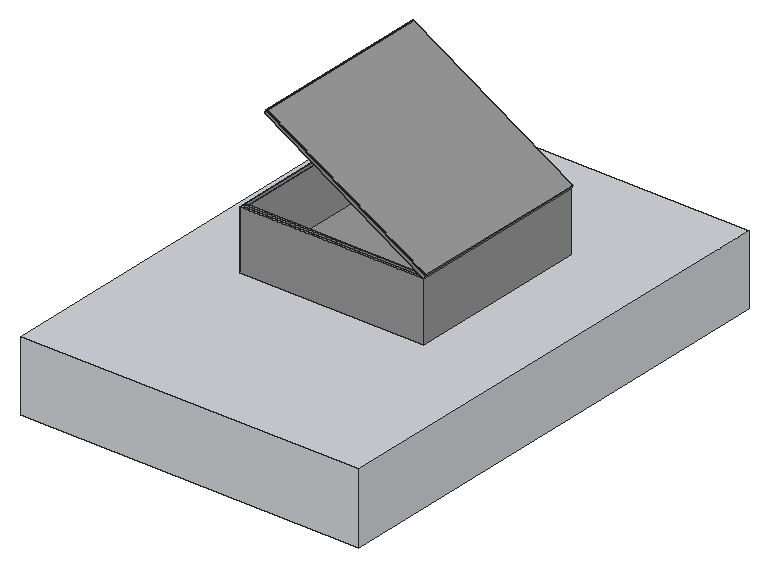
Revit family "Hager-Univers-IP55-D275-H800-Cl.II-Steel_encl-NL-en", category Equipement électrique, Revit 2020
Family settings
  Hôte = Face
  Configuration du panneau = Deux colonnes, circuits au sein
  Cote de connecteur circulaire = Utiliser le diamètre
  Type d'élément = Tableau de raccordement
  Couper avec des vides une fois chargée = Non
  Partagée = Non
  Point de calcul de pièce = Non
Parameters (values of type "Surface mounted (plaster) IP55 W800 H800 D275  - FR53S")
  Width Control [instance] = if([EF000008 - Width] > Min Width, [EF000008 - Width], Min Width)  # 800 mm
  Commentaires du type = [HG000003 - Range]  # "Univers"
  Thickness Door [instance] = if([EF009171 - Material plate thickness door/cover] > 3 mm, 3 mm, [EF009171 - Material plate thickness door/cover])  # 1.5 mm
  Seal Frame Offset [instance] = 17 mm  # constant formula
  Plinth Visibility [instance] = [HG000027 - Plinth height] > 0 mm  # no
  Model = ""
  Min Width [instance] = 100 mm  # constant formula
  Min Height [instance] = 100 mm  # constant formula
  Min Depth [instance] = (2 * [EF009170 - Material plate thickness cabinet]) + 1 mm  # 4 mm
  Internal Frame Depth [instance] = (Door System Depth * 0.5)  # 9 mm
  Height Control [instance] = if([EF000040 - Height] > Min Height, [EF000040 - Height], Min Height)  # 800 mm
  HG000027 - Plinth height = 0 mm
  HG000026 - Floor standing = no
  HG000024 - Bottom section height = 800 mm
  HG000023 - Double section enclosure = no
  HG000016 - Door 3d visibility [instance] = yes
  HG000015 - Clearance visibility [instance] = no
  HG000014 - Door on the right [instance] = yes
  HG000013 - Door on the left [instance] = not([HG000014 - Door on the right])  # no
  HG000012 - Door swing angle [instance] = 30.00°
  HG000010 - Asymmetric doors = no
  HG000009 - Double swing door = no
  HG000006 - Flush mounted = no
  HG000004 - Manufacturer reference = "FR53S"
  HG000003 - Range = "Univers"
  HG000002 - With door or cover = yes
  Frame Offset Bottom [instance] = 10 mm  # constant formula
  Frame Offset [instance] = 15 mm  # constant formula
  EF015940 - Cover with overpressure release = no
  EF011959 - Degree of protection (NEMA) = ""
  EF009554 - Number of openings for flange plates = 6
  EF009212 - Cover model = "EV000116 - Closed"
  EF009171 - Material plate thickness door/cover = 1.5 mm
  EF009170 - Material plate thickness cabinet = 1.5 mm
  Fabricant = "Hager"  # constant formula
  EF008873 - Nominal current (In) = 800 A
  EF007800 - Suitable for lightning protection = no
  EF006306 - With lock = no
  EF006244 - Transparent cover/door = no
  EF005474 - Degree of protection (IP) = "EV006420 - IP55"
  EF004464 - Type of door = "EV002646 - Single"
  EF004427 - Number of modules = 180
  EF004293 - Impact strength = "EV008784 - IK10"
  EF003532 - Suitable for outdoor use = no
  EF002950 - Width in number of modular spacings = 24
  EF001613 - Circuit integrity = "EV000494 - None"
  EF001596 - Material housing = "EV000179 - Steel"
  EF001131 - Internal depth = 275 mm
  EF001088 - Extension possible = yes
  EF000437 - Number of conduit inlets = 6
  EF000339 - Type of cover = "EV004216 - Door"
  EF000266 - Number of rows = 5
  EF000218 - Built-in depth = 0 mm
  EF000118 - With mounting plate = no
  EF000116 - RAL-number = "7035"
  EF000049 - Depth = 275 mm
  EF000040 - Height = 800 mm
  EF000008 - Width = 800 mm
  EF000007 - Colour = "EV000270 - Grey"
  EF000003 - Mounting method = "EV000384 - Surface mounted (plaster)"
  Door System Leaf Tolerance [instance] = 1.5 mm  # constant formula
  Door System Depth [instance] = 18 mm  # constant formula
  Door Height [instance] = Height Control - [HG000027 - Plinth height]  # 800 mm
  Depth Control [instance] = if([EF000049 - Depth] > Min Depth, [EF000049 - Depth], Min Depth)  # 275 mm
  Default Elevation = 0 mm
  Connector Offset [instance] = Height Control / 2  # 400 mm
  Bottom Top Plate Trim [instance] = 1.5 mm  # constant formula
  Plinth height Ctrl [instance] = if([HG000027 - Plinth height] > 0 mm, [HG000027 - Plinth height], 12 mm)  # 12 mm
Types (5, lengths in mm): name | Width Control | HG000010 - Asymmetric doors | HG000009 - Double swing door | HG000004 - Manufacturer reference | EF009554 - Number of openings for flange plates | EF004464 - Type of door | EF004427 - Number of modules | EF000437 - Number of conduit inlets | EF000008 - Width
  Surface mounted (plaster) IP55 W1050 H800 D275  - FR54S | 1050 | no | yes | "FR54S" | 8 | "EV003602 - Double" | 240 | 8 | 1050
  Surface mounted (plaster) IP55 W1300 H800 D275  - FR55S | 1300 | yes | yes | "FR55S" | 10 | "EV003602 - Double" | 300 | 10 | 1300
  Surface mounted (plaster) IP55 W300 H800 D275  - FR51S | 300 | no | no | "FR51S" | 2 | "EV002646 - Single" | 60 | 2 | 300
  Surface mounted (plaster) IP55 W550 H800 D275  - FR52S | 550 | no | no | "FR52S" | 4 | "EV002646 - Single" | 120 | 4 | 550
  Surface mounted (plaster) IP55 W800 H800 D275  - FR53S | 800 | no | no | "FR53S" | 6 | "EV002646 - Single" | 180 | 6 | 800
Reference planes
  plane 1 "Center (Front/Back)": y = 0
  plane 2: z = 0
  plane 3 "Center (Left/Right)": x = 0
  plane 4: z = 275
  plane 5: y = 1.5
  plane 6: y = 400
  plane 7: y = 0
  plane 8: y = 800
  plane 9: z = 0
  plane 10: x = -385
  plane 11: x = 385
  plane 12: x = 383.5
  plane 13: x = -383.5
  plane 14: y = 798.5
  plane 15: x = -383
  plane 16: x = -400
  plane 17: x = 383
  plane 18: x = 400
  plane 19: x = 398.5
  plane 20: x = -398.5
  plane 21: y = 11.5
  plane 22: y = 800
  plane 23: y = 783.5
  plane 24: z = 257
  plane 25: z = 1.5
  plane 26: z = 255.5
  plane 27: z = 273.5
Forms (mm)
  Extrusion 1, solid
    sketch origin (0, 0, 0) x (1, 0, 0) y (0, 1, 0)
      loop
        line (-702.964, 1305) -> (-702.964, -811.445) -> (766.763, -811.445) -> (766.763, 1305) -> (-702.964, 1305)
    from 0 to -304.8
  Extrusion 2, solid, material "Hager_Steel_RAL7035_Light_Grey", visible <- "Plinth Visibility", detail levels medium+fine
    sketch origin (0, 0, 0) x (1, 0, 0) y (0, 1, 0)
      loop
        line (-400, 0) -> (400, 0) -> (400, 12) -> (-400, 12) -> (-400, 0)
    from 0 to 257
  Extrusion 3, solid, material "Hager_Steel_RAL7035_Light_Grey", detail levels medium+fine
    sketch origin (0, 0, 0) x (1, 0, 0) y (0, 1, 0)
      loop
        line (-400, 0) -> (400, 0) -> (400, 800) -> (-400, 800) -> (-400, 0)
    from 0 to 257
  Extrusion 4, void
    sketch origin (0, 0, 0) x (1, 0, 0) y (0, 1, 0)
      loop
        line (-398.5, 1.5) -> (398.5, 1.5) -> (398.5, 798.5) -> (-398.5, 798.5) -> (-398.5, 1.5)
    from 1.5 to 255.5
  Extrusion 5, void
    sketch origin (-381.607, -4572, 257) x (0, -1, 0) y (-1, 0, 0)
      loop
        line (-4583.5, 1.893) -> (-5355.5, 1.893) -> (-5355.5, -765.107) -> (-4583.5, -765.107) -> (-4583.5, 1.893)
    from 0 to 1.5 <- "EF009170 - Material plate thickness cabinet"
  Extrusion 6, solid, material "Hager_Steel_RAL7035_Light_Grey", detail levels fine
    sketch origin (0, 0, 257) x (1, 0, 0) y (0, 1, 0)
      loop
        line (-383.5, 783.5) -> (-383.5, 11.5) -> (383.5, 11.5) -> (383.5, 783.5) -> (-383.5, 783.5)
      loop
        line (-385, 10) -> (385, 10) -> (385, 785) -> (-385, 785) -> (-385, 10)
    from 0 to 9 <- "Internal Frame Depth"
  Extrusion 7, solid, material "Hager_Steel_RAL7035_Light_Grey", detail levels coarse
    sketch origin (0, 0, 0) x (1, 0, 0) y (0, 1, 0)
      loop
        line (-400, 0) -> (400, 0) -> (400, 800) -> (-400, 800) -> (-400, 0)
    from 0 to 275
  Sweep 8, void
    path in 3D
      loop
        line (-400, 12, 0) -> (400, 12, 0) -> (400, 12, 257) -> (-400, 12, 257) -> (-400, 12, 0)
    profile origin (-400, 12, 128.5) x (-1, 0, 0) y (0, -1, 0)
      loop
        line (0, 0) -> (0, 1.5) -> (-1.5, 1.5)
        arc (-1.5, 1.5) -> (-1.061, 0.439) -> (0, 0) r 1.5
Cuts and joins
  Extrusion 4, Extrusion 5 cuts Extrusion 3
  Sweep 8 cuts Extrusion 2
Lines and regions (mm)
  Masking region 1
    outline origin (0, 0, 0) x (1, 0, 0) y (0, 0, 1)
      loop
        line (-400, 275) -> (-400, 0) -> (400, 0) -> (400, 275) -> (-400, 275)
  Masking region 2, detail levels medium+fine
    outline origin (0, 140, 0) x (0, 1, 0) y (0, 0, 1)
      loop
        line (-140, 0) -> (660, 0) -> (660, 257) -> (-140, 257) -> (-140, 0)
  Masking region 3, not visible, detail levels medium+fine
    outline origin (0, 297.922, 0) x (0, 1, 0) y (0, 0, 1)
      loop
        line (113.578, 0) -> (153.578, 0) -> (153.578, 263.5)
        arc (153.578, 263.5) -> (150.649, 270.571) -> (143.578, 273.5) r 10
        line (143.578, 273.5) -> (113.578, 273.5) -> (113.578, 0)
  Masking region 4, detail levels coarse
    outline origin (0, 0, 180) x (0, 1, 0) y (0, 0, 1)
      loop
        line (0, -180) -> (800, -180) -> (800, 95) -> (0, 95) -> (0, -180)
  Masking region 5, visible <- "Plinth Visibility", detail levels medium+fine
    outline origin (0, 52.24, 12.345) x (0, 0, -1) y (0, 1, 0)
      loop
        line (10.845, -40.24) -> (-243.155, -40.24)
        arc (-243.155, -40.24) -> (-243.594, -41.301) -> (-244.655, -41.74) r 1.5
        line (-244.655, -41.74) -> (-244.655, -52.24) -> (12.345, -52.24) -> (12.345, -41.74)
        arc (12.345, -41.74) -> (11.285, -41.301) -> (10.845, -40.24) r 1.5
  Masking region 6, detail levels medium+fine
    outline origin (-381.607, -4572, 257) x (-1, 0, 0) y (0, -1, 0)
      loop
        line (18.393, -5372) -> (18.393, -4572) -> (-781.607, -4572) -> (-781.607, -5372) -> (18.393, -5372)
  Masking region 7, visible <- "Plinth Visibility", detail levels medium+fine
    outline origin (-381.607, -4727, 257) x (-1, 0, 0) y (0, -1, 0)
      loop
        arc (16.893, -4739) -> (17.332, -4737.939) -> (18.393, -4737.5) r 1.5
        line (18.393, -4737.5) -> (18.393, -4727) -> (-781.607, -4727) -> (-781.607, -4737.5)
        arc (-781.607, -4737.5) -> (-780.546, -4737.939) -> (-780.107, -4739) r 1.5
        line (-780.107, -4739) -> (16.893, -4739)
  Masking region 8, detail levels coarse
    outline origin (-442.548, -4669.526, 257) x (-1, 0, 0) y (0, -1, 0)
      loop
        line (-42.548, -5469.526) -> (-42.548, -4669.526) -> (-842.548, -4669.526) -> (-842.548, -5469.526) -> (-42.548, -5469.526)
  sketch lines
    curve 1: line (-400, 12, 257) -> (-400, 12, 0)
    curve 2: line (400, 12, 257) -> (-400, 12, 257)
    curve 3: line (400, 12, 257) -> (400, 12, 0)
    curve 4: line (-400, 12, 0) -> (400, 12, 0)
Dimensions and locks
  "Depth Control": plane 4 to Extrusion 1
  "HG000027 - Plinth height": plane 1 "Center (Front/Back)" to plane 7
  "EF009170 - Material plate thickness cabinet": plane 5 to plane 7
  locked: connector elem to plane 3 "Center (Left/Right)"
  equal spacing: plane 8, plane 6, plane 7
  locked: connector elem to plane 6
  "EF009170 - Material plate thickness cabinet": plane 8 to plane 14
  "EF009170 - Material plate thickness cabinet": plane 10 to plane 13
  "EF009170 - Material plate thickness cabinet": plane 12 to plane 11
  "Frame Offset": plane 20 to plane 13
  "Frame Offset": plane 12 to plane 19
  "EF009170 - Material plate thickness cabinet": plane 16 to plane 20
  "EF009170 - Material plate thickness cabinet": plane 19 to plane 18
  "Seal Frame Offset": plane 16 to plane 15
  "Seal Frame Offset": plane 17 to plane 18
  "Frame Offset Bottom": plane 21 to plane 5
  "Frame Offset": plane 14 to plane 23
  equal spacing: plane 16, plane 3 "Center (Left/Right)", plane 18
  "Width Control": plane 16 to plane 18
  "EF009170 - Material plate thickness cabinet": plane 4 to plane 27
  "EF009170 - Material plate thickness cabinet": plane 24 to plane 26
  "EF009170 - Material plate thickness cabinet": plane 25 to level
  "Door System Depth": plane 4 to plane 24
  "Height Control": plane 1 "Center (Front/Back)" to Extrusion 7 sketch curve
  "Height Control": Masking region 4 sketch curve to plane 1 "Center (Front/Back)"
  "Height Control": plane 1 "Center (Front/Back)" to plane 22
  "Bottom Top Plate Trim": profile plane to Sweep 8 sketch curve
  "Bottom Top Plate Trim": Sweep 8 sketch curve to profile plane
  "Plinth height Ctrl": plane 1 "Center (Front/Back)" to Extrusion 2 sketch curve
  "Plinth height Ctrl": Masking region 5 sketch curve to plane 1 "Center (Front/Back)"
  "Plinth height Ctrl": plane 1 "Center (Front/Back)" to Masking region 7 sketch curve
  "Thickness Door": Extrusion 6 sketch curve to Extrusion 6 sketch curve  (x3)
  "Thickness Door": cut or joined group of Extrusion 3, Extrusion 4, Extrusion 5 to Extrusion 6 sketch curve
  radius of Masking region 3 sketch curve = 10 mm
  "Bottom Top Plate Trim": radius of Masking region 5 sketch curve  (x2)
  "Bottom Top Plate Trim": radius of Sweep 8 sketch curve
  "Bottom Top Plate Trim": radius of Masking region 7 sketch curve  (x2)
  aligned and locked: plane 2 to Extrusion 1
  aligned and locked: level to Extrusion 1
  aligned and locked: level to Masking region 1 sketch curve
  aligned and locked: Masking region 1 sketch curve to plane 18
  aligned and locked: Masking region 1 sketch curve to plane 16
  aligned and locked: plane 7 to Masking region 2 sketch curve
  aligned and locked: level to Masking region 3 sketch curve
  aligned and locked: Masking region 3 sketch curve to plane 27
  aligned and locked: level to Masking region 2 sketch curve
  aligned and locked: plane 1 "Center (Front/Back)" to Extrusion 2 sketch curve
  aligned and locked: Extrusion 3 sketch curve to plane 7
  aligned and locked: plane 16 to Extrusion 3 sketch curve
  aligned and locked: plane 18 to Extrusion 3 sketch curve
  aligned and locked: plane 20 to Extrusion 4 sketch curve
  aligned and locked: plane 19 to Extrusion 4 sketch curve
  aligned and locked: Extrusion 4 sketch curve to plane 5
  aligned and locked: Extrusion 4 to plane 25
  aligned and locked: plane 26 to Extrusion 4
  aligned and locked: plane 24 to Extrusion 3
  aligned and locked: Extrusion 5 sketch curve to plane 21
  aligned and locked: Extrusion 5 sketch curve to plane 13
  aligned and locked: Extrusion 5 sketch curve to plane 12
  aligned and locked: plane 18 to Extrusion 7 sketch curve
  aligned and locked: plane 1 "Center (Front/Back)" to Extrusion 7 sketch curve
  aligned and locked: plane 16 to Extrusion 7 sketch curve
  aligned and locked: plane 4 to Extrusion 7
  aligned and locked: Extrusion 7 to level
  aligned and locked: level to Masking region 4 sketch curve
  aligned and locked: Masking region 4 sketch curve to plane 1 "Center (Front/Back)"
  aligned and locked: Masking region 4 sketch curve to plane 4
  aligned and locked: nested 1 to level
  aligned and locked: nested 1 to plane 16
  aligned and locked: plane 8 to Extrusion 3 sketch curve
  aligned and locked: plane 23 to Extrusion 5 sketch curve
  aligned and locked: plane 14 to Extrusion 4 sketch curve
  aligned and locked: Masking region 2 sketch curve to plane 8
  aligned and locked: level to Masking region 5 sketch curve
  aligned and locked: plane 16 to Extrusion 2 sketch curve
  aligned and locked: plane 18 to Extrusion 2 sketch curve
  aligned and locked: Masking region 5 sketch curve to plane 24
  aligned and locked: Masking region 2 sketch curve to plane 24
  aligned and locked: plane 24 to Extrusion 2
  aligned and locked: profile plane to Sweep 8 sketch curve  (x2)
  aligned and locked: Masking region 6 sketch curve to plane 18
  aligned and locked: Masking region 6 sketch curve to plane 22
  aligned and locked: Masking region 6 sketch curve to plane 16
  aligned and locked: plane 8 to plane 22
  aligned and locked: Masking region 6 sketch curve to plane 7
  aligned and locked: Masking region 7 sketch curve to plane 16
  aligned and locked: Masking region 7 sketch curve to plane 1 "Center (Front/Back)"
  aligned and locked: Masking region 7 sketch curve to plane 18
  aligned and locked: Masking region 8 sketch curve to plane 1 "Center (Front/Back)"
  aligned and locked: Masking region 8 sketch curve to plane 18
  aligned and locked: Masking region 8 sketch curve to plane 22
  aligned and locked: Masking region 8 sketch curve to plane 16
  aligned and locked: nested 2 to plane 7
  aligned and locked: plane 3 "Center (Left/Right)" to nested 2
  aligned and locked: nested 2 to plane 24
  aligned and locked: Extrusion 6 sketch curve to cut or joined group of Extrusion 3, Extrusion 4, Extrusion 5  (x4)
Automatic sketch dimensions
  Extrusion 1 sketch curve to Extrusion 1 sketch curve = 1469.727 mm
  Extrusion 1 sketch curve to Extrusion 1 sketch curve = 2116.445 mm
  Masking region 1 sketch curve to plane 4 = 0 mm
  plane 6 to Masking region 3 sketch curve = 11.5 mm
  Masking region 3 sketch curve to Masking region 3 sketch curve = 30 mm
  Masking region 5 sketch curve to plane 1 "Center (Front/Back)" = 0 mm
Nested families
  nested 1: "Hager_Enclosure_Symbol" at (-400, 0, 0) x (1, 0, 0) z (0, -1, 0), Height <- "Depth Control", Width <- "Width Control", type "Hager_Enclosure_Symbol"
    with Width_Ctrl 800 mm, Width 800 mm, Height_Ctrl 275 mm, Height 275 mm, A_Width_Int 18.047 mm, A_Width 216.562 mm, A_Height_Ctrl 240.625 mm, A_Height 240.625 mm
  nested 2: "EC000058_Univers_Door" at (0, 0, 257) x (1, 0, 0) z (0, 1, 0), Leaf_Tolerance <- "Door System Leaf Tolerance", Angle <- "HG000012 - Door swing angle", Door_Depth <- "Door System Depth", Door_Left <- "HG000013 - Door on the left", Transparent <- "EF006244 - Transparent cover/door", Assymetrical <- "HG000010 - Asymmetric doors", Width <- "Width Control", Clearance <- "HG000015 - Clearance visibility", Double <- "HG000009 - Double swing door", 3d_Door <- "HG000016 - Door 3d visibility", Lock_Visibility <- "EF006306 - With lock", Width_Ctrl <- "Width Control", Door_Right <- "HG000014 - Door on the right", Door <- "HG000002 - With door or cover", Height <- "Door Height", Thickness <- "Thickness Door", type "EC000058_Univers_Door", detail levels medium+fine
    with min_wh 4 mm, Width_Ctrl 800 mm, Width 800 mm, Transparent no, Thickness 1.5 mm, Seal_Material Hager_Rubber, Lock_Visibility no, Lock_Material Hager_Plastic_RAL9005_Jet_Black, Leaf_Width 800 mm, Leaf_Tolerance_External_Sides 0 mm, Leaf_Tolerance 1.5 mm, Leaf_Offset 0 mm, Leaf_Height 797 mm, Leaf_2_Width 800 mm, Leaf_2_Offset 400 mm, Leaf_1_Width 800 mm, Leaf_1_Offset 400 mm, Height_Ctrl 800 mm, Height 800 mm, Glass_Material Hager_Glass, Double_Clearance_Ctrl no, Double no, Door_Right_Ctrl yes, Door_Right yes, Door_Material Hager_Steel_RAL7035_Light_Grey, Door_Left_Ctrl no, Door_Left no, Door_Depth 18 mm, Door yes, Clearance_Material Hager_Clearance, Clearance_Depth 800 mm, Clearance_Ctrl no, Clearance no, Assymetrical no, Angle 30.00°, 3d_Door yes
Connectors
  electrical at (0, 400, 0)
    settings: on plane 9, index 1, voltage 0 V, apparent load 0 VA, apparent load phase1 0 VA, apparent load phase2 0 VA, apparent load phase3 0 VA, power factor 1, load classification "Other", number of poles 1, system type 30, power factor state 1, is connector primary yes, connector utility no, sub classification motor no, connector description ""
Definition of nested family "EC000058_Univers_Door"
  Parameters (values of type "EC000058_Univers_Door")
    min_wh [instance] = (2 * Thickness) + 1 mm  # 11 mm
    Width_Ctrl [instance] = 400 mm
    Width [instance] = 500 mm
    Transparent [instance] = yes
    Thickness [instance] = 5 mm
    Seal_Material [instance] = none
    Lock_Visibility [instance] = yes
    Lock_Material [instance] = none
    Leaf_Width [instance] = if((Width_Ctrl - 2 * Leaf_Tolerance_External_Sides) > 0 mm, (Width_Ctrl - 2 * Leaf_Tolerance_External_Sides), min_wh)  # 400 mm
    Leaf_Tolerance_External_Sides [instance] = 0 mm  # constant formula
    Leaf_Tolerance [instance] = 1.5 mm
    Leaf_Offset [instance] = 0 mm  # constant formula
    Leaf_Height [instance] = if((Height_Ctrl - 2 * Leaf_Tolerance) > 0 mm, (Height_Ctrl - 2 * Leaf_Tolerance), min_wh)  # 497 mm
    Leaf_2_Width [instance] = if(and(and(Double, Assymetrical), Door_Left), (Leaf_Width / 3) - (Leaf_Tolerance / 2), if(and(and(Double, Assymetrical), Door_Right), (Leaf_Width / 3) * 2 - (Leaf_Tolerance / 2), if(and(Double, not(Assymetrical)), (Leaf_Width / 2) - Leaf_Tolerance, Leaf_Width)))  # 400 mm
    Leaf_2_Offset [instance] = if(and(Double, Assymetrical), Leaf_2_Width / 2, if(and(Double, not(Assymetrical)), Leaf_Width / 4, Leaf_Width / 2))  # 200 mm
    Leaf_1_Width [instance] = if(and(and(Double, Assymetrical), Door_Right), (Leaf_Width / 3) - (Leaf_Tolerance / 2), if(and(and(Double, Assymetrical), Door_Left), (Width / 3) * 2 - (Leaf_Tolerance / 2), if(and(Double, not(Assymetrical)), (Leaf_Width / 2) - Leaf_Tolerance, Leaf_Width)))  # 400 mm
    Leaf_1_Offset [instance] = if(and(Double, Assymetrical), Leaf_1_Width / 2, if(and(Double, not(Assymetrical)), Leaf_Width / 4, Leaf_Width / 2))  # 200 mm
    Height_Ctrl [instance] = if(Height > min_wh, Height, min_wh)  # 500 mm
    Height [instance] = 500 mm
    Glass_Material [instance] = none
    Double_Clearance_Ctrl [instance] = and(Double, Clearance)  # no
    Double [instance] = no
    Door_Right_Ctrl [instance] = and(or(Door_Right, Double), Door)  # yes
    Door_Right [instance] = yes
    Door_Material [instance] = none
    Door_Left_Ctrl [instance] = and(or(Door_Left, Double), Door)  # no
    Door_Left [instance] = no
    Door_Depth [instance] = 30 mm
    Door [instance] = yes
    Default Elevation = 1219.2 mm
    Clearance_Material [instance] = none
    Clearance_Depth [instance] = if(Leaf_1_Width > Leaf_2_Width, Leaf_1_Width, Leaf_2_Width)  # 400 mm
    Clearance_Ctrl [instance] = and(not(Double), Clearance)  # yes
    Clearance [instance] = yes
    Assymetrical [instance] = yes
    Angle [instance] = 30.00°
    3d_Door [instance] = yes
  Reference planes
    plane 1 "Center (Front/Back)": y = 0
    plane 2 "Bottom": z = 0
    plane 3 "Center (Left/Right)": x = 0
    plane 4: z = 500
    plane 5: x = -200
    plane 6: x = 200
    plane 7: z = 500
    plane 8: x = -200
    plane 9: z = 0
    plane 10: x = 200
    plane 11: y = 0
    plane 12: z = 1.5
    plane 13: x = -600
    plane 14: y = -400
    plane 15: x = 600
    plane 16: x = 0
    plane 17: x = 0
    plane 18: x = -200
    plane 19: x = 200
    plane 20: z = 498.5
  Forms (mm)
    Extrusion 1, solid, material <- "Clearance_Material", visible <- "Double_Clearance_Ctrl"
      sketch origin (1200, 0, 0) x (1, 0, 0) y (0, 0, -1)
        loop
          line (-1800, -498.5) -> (-600, -498.5) -> (-600, 0) -> (-1800, 0) -> (-1800, -498.5)
      from 0 to -400
  Dimensions and locks
    equal spacing: plane 5, plane 3 "Center (Left/Right)", plane 6
    "Width_Ctrl": plane 5 to plane 6
    "Leaf_Offset": plane 5 to plane 8
    "Leaf_Offset": plane 6 to plane 10
    "Leaf_Offset": plane 9 to level
    "Leaf_Offset": plane 4 to plane 7
    "Height_Ctrl": plane 4 to level
    "Leaf_Tolerance": plane 12 to plane 9
    locked: plane 11 to plane 1 "Center (Front/Back)"
    "Leaf_1_Offset": plane 18 to plane 16
    "Leaf_2_Offset": plane 17 to plane 19
    "Leaf_1_Width": plane 13 to plane 8
    "Leaf_2_Width": plane 10 to plane 15
    "Clearance_Depth": plane 14 to plane 1 "Center (Front/Back)"
    "Leaf_Tolerance_External_Sides": plane 8 to plane 18
    "Leaf_Tolerance_External_Sides": plane 19 to plane 10
    "Leaf_Tolerance": plane 7 to plane 20
    aligned and locked: level to plane 2 "Bottom"
    aligned and locked: nested 1 to plane 16
    aligned and locked: nested 2 to plane 17
    aligned and locked: Extrusion 1 to plane 13
    aligned and locked: plane 15 to Extrusion 1
    aligned and locked: Extrusion 1 to plane 14
    aligned and locked: plane 12 to nested 1
    aligned and locked: nested 2 to plane 12
    aligned and locked: Extrusion 1 to plane 11
    aligned and locked: plane 20 to Extrusion 1
    aligned and locked: nested 2 to plane 11
    aligned and locked: nested 1 to plane 11
  Automatic sketch dimensions
    Extrusion 1 sketch curve to level = 0 mm
    plane 5 to Extrusion 1 sketch curve = 400 mm
    plane 6 to Extrusion 1 sketch curve = 400 mm
    Extrusion 1 sketch curve to plane 4 = 1.5 mm
  Nested families
    nested 1: "EC000058_Univers_Door_Leaf" at (0, 0, 1.5), Width <- "Leaf_1_Width", visible <- "Door_Left_Ctrl", Leaf_Height <- "Leaf_Height", Angle <- "Angle", 3d_Door <- "3d_Door", Transparent <- "Transparent", Clearance Material <- "Clearance_Material", Clearance <- "Clearance_Ctrl", Door_Material <- "Door_Material", Glass_Material <- "Glass_Material", Door_Depth <- "Door_Depth", Lock_Material <- "Lock_Material", Seal_Material <- "Seal_Material", Lock_Visibility <- "Lock_Visibility", Thickness <- "Thickness", type "EC000058_Univers_Door_Leaf"
      with Width 400 mm, Transparent_Glass_Offset 30 mm, Transparent_Ctrl yes, Transparent yes, Thickness 5 mm, Standard no, Seal_Material none, Seal_D2 8 mm, Seal_D1 1 mm, Offset_Internal_Frame 10 mm, Lock_Width 20 mm, Lock_Visibility_3d yes, Lock_Visibility yes, Lock_Thickness_3 3 mm, Lock_Thickness_2 1 mm, Lock_Thickness_1 3 mm, Lock_Radius_Offset_2 16 mm, Lock_Radius_Offset_1 15 mm, Lock_Radius_2 5 mm, Lock_Radius 6 mm, Lock_Offset 5 mm, Lock_Material none, Lock_Height 80 mm, Lock_Cover_Top_Offset_2d 17 mm, Lock_Cover_Height -65 mm, Leaf_Height 497 mm, Internal_Seal_Thickness 8 mm, Internal_Seal_Depth_2 4.5 mm, Internal_Frame_Depth 25 mm, Glass_Thickness -1 mm, Glass_Offset -2 mm, Glass_Material none, Door_Material none, Door_Depth 30 mm, Clearance Material none, Clearance yes, Angle_Ctrl 30.00°, Angle 30.00°, 3d_Door yes
    nested 2: "EC000058_Univers_Door_Leaf" at (0, 0, 1.5) x (-1, 0, 0) z (0, 0, 1), Width <- "Leaf_2_Width", visible <- "Door_Right_Ctrl", Leaf_Height <- "Leaf_Height", Angle <- "Angle", 3d_Door <- "3d_Door", Transparent <- "Transparent", Clearance Material <- "Clearance_Material", Clearance <- "Clearance_Ctrl", Door_Material <- "Door_Material", Glass_Material <- "Glass_Material", Door_Depth <- "Door_Depth", Lock_Material <- "Lock_Material", Seal_Material <- "Seal_Material", Lock_Visibility <- "Lock_Visibility", Thickness <- "Thickness", type "EC000058_Univers_Door_Leaf"
      with Width 400 mm, Transparent_Glass_Offset 30 mm, Transparent_Ctrl yes, Transparent yes, Thickness 5 mm, Standard no, Seal_Material none, Seal_D2 8 mm, Seal_D1 1 mm, Offset_Internal_Frame 10 mm, Lock_Width 20 mm, Lock_Visibility_3d yes, Lock_Visibility yes, Lock_Thickness_3 3 mm, Lock_Thickness_2 1 mm, Lock_Thickness_1 3 mm, Lock_Radius_Offset_2 16 mm, Lock_Radius_Offset_1 15 mm, Lock_Radius_2 5 mm, Lock_Radius 6 mm, Lock_Offset 5 mm, Lock_Material none, Lock_Height 80 mm, Lock_Cover_Top_Offset_2d 17 mm, Lock_Cover_Height -65 mm, Leaf_Height 497 mm, Internal_Seal_Thickness 8 mm, Internal_Seal_Depth_2 4.5 mm, Internal_Frame_Depth 25 mm, Glass_Thickness -1 mm, Glass_Offset -2 mm, Glass_Material none, Door_Material none, Door_Depth 30 mm, Clearance Material none, Clearance yes, Angle_Ctrl 30.00°, Angle 30.00°, 3d_Door yes
  Definition of nested family "EC000058_Univers_Door_Leaf"
    Parameters (values of type "EC000058_Univers_Door_Leaf")
      Width [instance] = 2000 mm
      Transparent_Glass_Offset [instance] = 30 mm
      Transparent_Ctrl [instance] = and(Transparent, [3d_Door])  # yes
      Transparent [instance] = yes
      Thickness [instance] = 5 mm
      Standard [instance] = and(not(Transparent), [3d_Door])  # no
      Seal_Material [instance] = none
      Seal_D2 [instance] = 8 mm  # constant formula
      Seal_D1 [instance] = 1 mm  # constant formula
      Offset_Internal_Frame [instance] = 10 mm  # constant formula
      Lock_Width [instance] = 20 mm  # constant formula
      Lock_Visibility_3d [instance] = and(Lock_Visibility, [3d_Door])  # yes
      Lock_Visibility [instance] = yes
      Lock_Thickness_3 [instance] = 3 mm  # constant formula
      Lock_Thickness_2 [instance] = 1 mm  # constant formula
      Lock_Thickness_1 [instance] = 3 mm  # constant formula
      Lock_Radius_Offset_2 [instance] = Lock_Radius_Offset_1 + 1 mm  # 16 mm
      Lock_Radius_Offset_1 [instance] = 15 mm  # constant formula
      Lock_Radius_2 [instance] = Lock_Radius - 1 mm  # 5 mm
      Lock_Radius [instance] = 6 mm  # constant formula
      Lock_Offset [instance] = 5 mm  # constant formula
      Lock_Material [instance] = none
      Lock_Height [instance] = 80 mm  # constant formula
      Lock_Cover_Top_Offset_2d [instance] = Lock_Radius_Offset_2 + 1 mm  # 17 mm
      Lock_Cover_Height [instance] = -(Lock_Height - Lock_Radius_Offset_1)  # -65 mm
      Leaf_Height [instance] = 2720.336 mm
      Internal_Seal_Thickness [instance] = 8 mm  # constant formula
      Internal_Seal_Depth_2 [instance] = 4.5 mm  # constant formula
      Internal_Frame_Depth [instance] = if(Door_Depth - Thickness > 5 mm, Door_Depth - Thickness, 5 mm)  # 25 mm
      Glass_Thickness [instance] = if(Thickness > 15 mm, Glass_Offset + 10 mm, -1 mm)  # -1 mm
      Glass_Offset [instance] = if(Thickness > 15 mm, -(Thickness + 10 mm) / 2, -2 mm)  # -2 mm
      Glass_Material [instance] = none
      Door_Material [instance] = none
      Door_Depth [instance] = 30 mm
      Default Elevation = 0 mm
      Clearance Material [instance] = none
      Clearance [instance] = yes
      Angle_Ctrl [instance] = if(Angle > 180.00°, 180.00°, Angle)  # 90.00°
      Angle [instance] = 90.00°
      3d_Door [instance] = yes
    Reference planes
      plane 1 "Center (Front/Back)": y = 0
      plane 2: z = 0
      plane 3 "Center (Left/Right)": x = 0
      plane 4: y = 2000
      plane 5: x = -1000
      plane 6: x = 1000
      plane 7: x = -3000
      plane 8: z = 2720.336
      plane 9: z = 30
      plane 10: z = 2690.336
      plane 11: x = 970
      plane 12: x = -970
      plane 13: y = -3
      plane 14: z = 107.833
      plane 15: y = -5
      plane 16: y = -223.314
      plane 17: x = -1000
      plane 18: z = 1360.168
      plane 19: y = 30
    Forms (mm)
      Extrusion 1, solid, material <- "Clearance Material", visible <- "Clearance"
        sketch origin (0, 0, 0) x (1, 0, 0) y (0, 0, 1)
          loop
            line (-3000, 2720.336) -> (-3000, 0) -> (1000, 0) -> (1000, 2720.336) -> (-3000, 2720.336)
        from 0 to -2000
      Extrusion 2, solid, material <- "Door_Material", visible <- "Standard", detail levels medium+fine
        sketch origin (-1000, 0, 0) x (0, 1, 0) y (-1, 0, 0)
          loop
            line (0, 30) -> (0, 25) -> (2000, 25) -> (2000, 30) -> (0, 30)
        from 0 to 2720.336 <- "Leaf_Height"
      Extrusion 3, solid, material <- "Door_Material", visible <- "Transparent_Ctrl", detail levels medium+fine
        sketch origin (-1000, 0, 0) x (0, 1, 0) y (-1, 0, 0)
          loop
            line (0, 25) -> (2000, 25) -> (2000, 30) -> (0, 30) -> (0, 25)
        from 0 to 2720.336 <- "Leaf_Height"
      Extrusion 4, void
        sketch origin (-1025, 2000, 0) x (0, 1, 0) y (0, 0, -1)
          loop
            line (-30, -2690.336) -> (-30, -30) -> (-1970, -30) -> (-1970, -2690.336) -> (-30, -2690.336)
        from 0 to 5 <- "Thickness"
      Sweep 5, solid, material <- "Seal_Material", visible <- "Transparent_Ctrl", detail levels fine
        path in 3D
          loop
            line (-1025, 30, 30) -> (-1025, 30, 2690.336) -> (-1025, 1970, 2690.336) -> (-1025, 1970, 30) -> (-1025, 30, 30)
        profile origin (-1025, 1000, 30) x (1, 0, 0) y (0, 0, 1)
          loop
            line (0, 0) -> (0, -8) -> (1, -8) -> (1, 0) -> (0, 0)
      Extrusion 6, solid, material <- "Glass_Material", visible <- "Transparent_Ctrl", detail levels medium+fine
        sketch origin (-1030, 0, 0) x (0, 1, 0) y (0, 0, -1)
          loop
            line (1970, -2690.336) -> (1970, -30) -> (30, -30) -> (30, -2690.336) -> (1970, -2690.336)
        from -2 <- "Glass_Offset" to -1 <- "Glass_Thickness"
      Extrusion 7, solid, material <- "Door_Material", visible <- "3d_Door", detail levels medium+fine
        sketch origin (-1025, 2000, 0) x (0, -1, 0) y (0, 0, -1)
          loop
            line (0, -2720.336) -> (2000, -2720.336) -> (2000, 0) -> (0, 0) -> (0, -2720.336)
          loop
            line (1995, -5) -> (5, -5) -> (5, -2715.336) -> (1995, -2715.336) -> (1995, -5)
        from 0 to 25 <- "Internal_Frame_Depth"
      Sweep 8, solid, material <- "Seal_Material", visible <- "Transparent_Ctrl", detail levels fine
        path in 3D
          loop
            line (-1025, 0, 0) -> (-1025, 2000, 0) -> (-1025, 2000, 2720.336) -> (-1025, 0, 2720.336) -> (-1025, 0, 0)
        profile origin (-1025, 0, 1360.168) x (1, 0, 0) y (0, 1, 0)
          loop
            line (0, 10) -> (2.975, 10)
            arc (2.975, 10) -> (4.053, 10.447) -> (4.5, 11.525) r 1.525
            line (4.5, 11.525) -> (4.5, 16.527)
            arc (4.5, 16.527) -> (4.069, 17.569) -> (3.027, 18) r 1.473
            line (3.027, 18) -> (0, 18) -> (0, 10)
      Extrusion 9, solid, material <- "Lock_Material", visible <- "Lock_Visibility_3d", detail levels fine
        sketch origin (-1030, 0, 0) x (0, 1, 0) y (0, 0, -1)
          loop
            arc (1993.5, -1400.168) -> (1994.561, -1399.729) -> (1995, -1398.668) r 1.5
            line (1995, -1398.668) -> (1995, -1320.168) -> (1975, -1320.168) -> (1975, -1398.668)
            arc (1975, -1398.668) -> (1975.439, -1399.729) -> (1976.5, -1400.168) r 1.5
            line (1976.5, -1400.168) -> (1993.5, -1400.168)
        from 3 <- "Lock_Thickness_1" to 0
      Blend 10, solid, material <- "Lock_Material", visible <- "Lock_Visibility_3d", detail levels fine
        base sketch origin (-1033, 0, 0) x (0, 1, 0) y (0, 0, -1)
          loop
            line (1975, -1320.168) -> (1975, -1398.668)
            arc (1975, -1398.668) -> (1975.439, -1399.729) -> (1976.5, -1400.168) r 1.5
            line (1976.5, -1400.168) -> (1993.5, -1400.168)
            arc (1993.5, -1400.168) -> (1994.561, -1399.729) -> (1995, -1398.668) r 1.5
            line (1995, -1398.668) -> (1995, -1320.168) -> (1975, -1320.168)
        top sketch origin (-1033, 0, 0) x (0, 1, 0) y (0, 0, -1)
          loop
            line (1976, -1320.168) -> (1976, -1398.668)
            arc (1976, -1398.668) -> (1976.146, -1399.022) -> (1976.5, -1399.168) r 0.5
            line (1976.5, -1399.168) -> (1993.5, -1399.168)
            arc (1993.5, -1399.168) -> (1993.854, -1399.022) -> (1994, -1398.668) r 0.5
            line (1994, -1398.668) -> (1994, -1320.168) -> (1976, -1320.168)
        from 0 to 1 <- "Lock_Thickness_2"
      Blend 11, solid, material <- "Lock_Material", visible <- "Lock_Visibility_3d", detail levels fine
        base sketch origin (-1034, 0, 0) x (0, 1, 0) y (0, 0, -1)
          loop
            line (1978, -1320.168) -> (1978, -1384.168)
            arc (1978, -1384.168) -> (1985, -1391.168) -> (1992, -1384.168) r 7
            line (1992, -1384.168) -> (1992, -1320.168) -> (1978, -1320.168)
        top sketch origin (-1034, 0, 0) x (0, 1, 0) y (0, 0, -1)
          loop
            line (1991, -1320.168) -> (1979, -1320.168) -> (1979, -1383.168)
            arc (1979, -1383.168) -> (1985, -1389.168) -> (1991, -1383.168) r 6
            line (1991, -1383.168) -> (1991, -1320.168)
        from 0 to 3 <- "Lock_Thickness_3"
      Extrusion 12, solid, material <- "Lock_Material", visible <- "Lock_Visibility_3d", detail levels fine
        sketch origin (-1030, 1975, 1320.168) x (1, 0, 0) y (0, -1, 0)
          loop
            line (-7, -19) -> (-7, -1) -> (0, -1) -> (0, 0) -> (-8, 0) -> (-8, -20) -> (0, -20) -> (0, -19) -> (-7, -19)
        from 0 to -65 <- "Lock_Cover_Height"
      Extrusion 13, void
        sketch origin (-1038, 1995, 1320.168) x (-1, 0, 0) y (0, 0, -1)
          loop
            line (-5, -65) -> (0, -65) -> (-5, -60) -> (-5, -65)
        from 0 to 20 <- "Lock_Width"
      Extrusion 14, void
        sketch origin (-1038, 1975, 1320.168) x (0, -1, 0) y (0, 0, -1)
          loop
            circle (-10, -15.995) r 6
          loop
            circle (-10, -15.995) r 5
        from 0 to 2
      Extrusion 15, solid, material <- "Lock_Material", visible <- "Lock_Visibility_3d", detail levels medium
        sketch origin (-1030, 0, 0) x (0, 1, 0) y (0, 0, -1)
          loop
            arc (1993.5, -1400.168) -> (1994.561, -1399.729) -> (1995, -1398.668) r 1.5
            line (1995, -1398.668) -> (1995, -1320.168) -> (1975, -1320.168) -> (1975, -1398.668)
            arc (1975, -1398.668) -> (1975.439, -1399.729) -> (1976.5, -1400.168) r 1.5
            line (1976.5, -1400.168) -> (1993.5, -1400.168)
        from 8 to 0
    Cuts and joins
      Extrusion 4 cuts Extrusion 3
      Extrusion 13, Extrusion 14 cuts Extrusion 9
      Extrusion 14 cuts Blend 11
      Extrusion 13, Extrusion 14 cuts Extrusion 12
      joined: Extrusion 9, Blend 10, Blend 11, Extrusion 12
      Extrusion 14 cuts Extrusion 15
    Lines and regions (mm)
      Masking region 1, visible <- "Lock_Visibility", detail levels fine
        outline origin (0, 0, 0) x (0, 1, 0) y (0, 0, 1)
          loop
            line (30, 1320.168) -> (33, 1320.168) -> (33, 1400.168) -> (30, 1400.168) -> (30, 1320.168)
      Masking region 2, visible <- "Lock_Visibility", detail levels fine
        outline origin (0, 3.143, 0) x (0, 1, 0) y (0, 0, 1)
          loop
            line (29.857, 1354.168) -> (30.857, 1354.168) -> (30.857, 1366.168) -> (29.857, 1366.168) -> (29.857, 1354.168)
      Masking region 3, detail levels medium+fine
        outline origin (0, 0, 0) x (0, 1, 0) y (0, 0, 1)
          loop
            line (0, 0) -> (30, 0) -> (30, 2720.336) -> (0, 2720.336) -> (0, 0)
      Masking region 4, detail levels medium+fine
        outline origin (0, 0, 0) x (1, 0, 0) y (0, 0, 1)
          loop
            line (-1000, 2720.336) -> (-1000, 0) -> (1000, 0) -> (1000, 2720.336) -> (-1000, 2720.336)
      Masking region 5, visible <- "Lock_Visibility", detail levels fine
        outline origin (-47.116, 0, 0) x (1, 0, 0) y (0, 0, 1)
          loop
            arc (1024.616, 1399.168) -> (1023.556, 1398.729) -> (1023.116, 1397.668) r 1.5
            line (1023.116, 1397.668) -> (1023.116, 1320.168) -> (1041.116, 1320.168) -> (1041.116, 1397.668)
            arc (1041.116, 1397.668) -> (1040.677, 1398.729) -> (1039.616, 1399.168) r 1.5
            line (1039.616, 1399.168) -> (1024.616, 1399.168)
      Masking region 6, visible <- "Lock_Visibility", detail levels medium+fine
        outline origin (-25, 0, 0) x (1, 0, 0) y (0, 0, 1)
          loop
            arc (1001.5, 1400.168) -> (1000.439, 1399.729) -> (1000, 1398.668) r 1.5
            line (1000, 1398.668) -> (1000, 1320.168) -> (1020, 1320.168) -> (1020, 1398.668)
            arc (1020, 1398.668) -> (1019.561, 1399.729) -> (1018.5, 1400.168) r 1.5
            line (1018.5, 1400.168) -> (1001.5, 1400.168)
      Masking region 7, visible <- "Lock_Visibility", detail levels fine
        outline origin (-73.735, 0, 0) x (1, 0, 0) y (0, 0, 1)
          loop
            line (1051.735, 1382.168) -> (1065.735, 1382.168) -> (1065.735, 1384.168)
            arc (1065.735, 1384.168) -> (1058.735, 1391.168) -> (1051.735, 1384.168) r 7
            line (1051.735, 1384.168) -> (1051.735, 1382.168)
      Masking region 8, visible <- "Lock_Visibility", detail levels fine
        outline origin (-73.735, 0, 0) x (1, 0, 0) y (0, 0, 1)
          loop
            line (1052.735, 1382.168) -> (1064.735, 1382.168) -> (1064.735, 1383.168)
            arc (1064.735, 1383.168) -> (1058.735, 1389.168) -> (1052.735, 1383.168) r 6
            line (1052.735, 1383.168) -> (1052.735, 1382.168)
      Masking region 9, visible <- "Lock_Visibility", detail levels fine
        outline origin (-25, 0, 0) x (1, 0, 0) y (0, 0, 1)
          loop
            line (1020, 1320.168) -> (1020, 1382.168) -> (1000, 1382.168) -> (1000, 1320.168) -> (1020, 1320.168)
      Masking region 10, detail levels medium+fine
        outline origin (0, 0, 0) x (1, 0, 0) y (0, 0, 1)
          loop
            circle (985, 1335.144) r 6
      Masking region 11, detail levels fine
        outline origin (0, 0, 0) x (1, 0, 0) y (0, 0, 1)
          loop
            circle (985, 1335.144) r 5
      Masking region 12, visible <- "Lock_Visibility", detail levels fine
        outline origin (0, 12.767, 0) x (0, 1, 0) y (0, 0, 1)
          loop
            line (20.233, 1320.168) -> (21.233, 1320.168) -> (21.233, 1399.168) -> (20.233, 1400.168) -> (20.233, 1320.168)
      Masking region 13, visible <- "Lock_Visibility", detail levels fine
        outline origin (0, 13.767, -10) x (0, 1, 0) y (0, 0, 1)
          loop
            line (20.233, 1330.168) -> (23.233, 1330.168) -> (23.233, 1399.168) -> (20.233, 1402.168) -> (20.233, 1330.168)
      Masking region 14, visible <- "Lock_Visibility", detail levels fine
        outline origin (0, 12.767, -10) x (0, 1, 0) y (0, 0, 1)
          loop
            line (20.233, 1330.168) -> (25.233, 1330.168) -> (25.233, 1399.305) -> (20.233, 1394.305) -> (20.233, 1330.168)
      Masking region 15, visible <- "Lock_Visibility", detail levels medium
        outline origin (0, 0, 0) x (0, 1, 0) y (0, 0, 1)
          loop
            line (30, 1320.168) -> (38, 1320.168) -> (38, 1400.168) -> (30, 1400.168) -> (30, 1320.168)
      Masking region 16, visible <- "Lock_Visibility", detail levels fine
        outline origin (-1000, 0, 0) x (0, 1, 0) y (-1, 0, 0)
          loop
            line (1975, 30) -> (1995, 30) -> (1995, 38) -> (1975, 38) -> (1975, 30)
          loop
            line (1979, 37) -> (1976, 37) -> (1976, 34) -> (1978, 34) -> (1979, 37)
          loop
            line (1994, 37) -> (1991, 37) -> (1992, 34) -> (1994, 34) -> (1994, 37)
      Masking region 17, visible <- "Lock_Visibility", detail levels medium
        outline origin (-1000, 0, 0) x (0, 1, 0) y (-1, 0, 0)
          loop
            line (1975, 30) -> (1995, 30) -> (1995, 38) -> (1975, 38) -> (1975, 30)
      symbolic lines
        curve 1: line (1000, 0, 0) -> (-3000, 0, 0)
        curve 2: arc (1000, 0, 0) -> (-1000, 2000, 0) -> (-3000, 0, 0) r 2000
        curve 4: line (-1030, 0, 0) -> (-1030, 2000, 0)
      reference lines
        curve 3: line (-1000, 0, 0) -> (-1000, 2000, 0)
      symbolic lines, detail levels medium+fine
        curve 5: line (-1030, 2000, 0) -> (-1025, 2000, 0)
        curve 7: line (-1025, 0, 0) -> (-1030, 0, 0)
        curve 8: line (-1025, 0, 0) -> (-1000, 0, 0)
        curve 9: line (-1000, 0, 0) -> (-1000, 2000, 0)
        curve 10: line (-1000, 2000, 0) -> (-1025, 2000, 0)
      symbolic lines, detail levels fine
        curve 6: line (-1025, 2000, 0) -> (-1025, 0, 0)
      sketch lines
        curve 11: line (-1025, 0, 2720.336) -> (-1025, 0, 0)
        curve 12: line (-1025, 2000, 0) -> (-1025, 0, 0)
        curve 13: line (-1025, 2000, 2720.336) -> (-1025, 2000, 0)
        curve 14: line (-1025, 0, 2720.336) -> (-1025, 2000, 2720.336)
        curve 15: line (-1025, 1970, 30) -> (-1025, 30, 30)
        curve 16: line (-1025, 30, 30) -> (-1025, 30, 2690.336)
        curve 17: line (-1025, 1970, 2690.336) -> (-1025, 1970, 30)
        curve 18: line (-1025, 30, 2690.336) -> (-1025, 1970, 2690.336)
      symbolic lines, visible <- "Transparent", detail levels medium+fine
        curve 19: line (-970, 0, 2690.336) -> (970, 0, 2690.336)
        curve 20: line (-970, 0, 30) -> (-970, 0, 2690.336)
        curve 21: line (970, 0, 30) -> (-970, 0, 30)
        curve 22: line (970, 0, 2690.336) -> (970, 0, 30)
    Dimensions and locks
      "Width": plane 1 "Center (Front/Back)" to plane 4
      equal spacing: plane 5, plane 3 "Center (Left/Right)", plane 6
      "Width": plane 5 to plane 6
      "Width": plane 7 to plane 5
      "Leaf_Height": plane 8 to level
      "Width": curve 5 to curve 3
      "Width": curve 3 to curve 3
      plane 8 to plane 10 = 30 mm
      plane 9 to level = 30 mm
      plane 12 to plane 5 = 30 mm
      plane 6 to plane 11 = 30 mm
      Extrusion 1 to Extrusion 4 sketch curve = 30 mm
      "Transparent_Glass_Offset": curve 3 to Extrusion 4 sketch curve
      "Transparent_Glass_Offset": Extrusion 4 sketch curve to cut or joined group of Extrusion 3, Extrusion 4  (x2)
      cut or joined group of Extrusion 3, Extrusion 4 to Extrusion 6 sketch curve = 30 mm
      "Transparent_Glass_Offset": cut or joined group of Extrusion 3, Extrusion 4 to Extrusion 4 sketch curve
      "Thickness": curve 6 to curve 4
      "Thickness": Extrusion 7 sketch curve to Extrusion 7 sketch curve  (x4)
      "Door_Depth": curve 4 to curve 3
      "Offset_Internal_Frame": profile plane to Sweep 8 sketch curve
      "Internal_Seal_Thickness": Sweep 8 sketch curve to Sweep 8 sketch curve
      "Internal_Seal_Depth_2": profile plane to Sweep 8 sketch curve
      "Seal_D1": profile plane to Sweep 5 sketch curve
      "Seal_D2": profile plane to Sweep 5 sketch curve
      "Thickness": Extrusion 2 sketch curve to Extrusion 2 sketch curve
      equal spacing: Extrusion 9 sketch curve, plane 18, Extrusion 9 sketch curve  (x2)
      equal spacing: Masking region 1 sketch curve, plane 18, Masking region 1 sketch curve
      "Lock_Height": Masking region 1 sketch curve to Masking region 1 sketch curve
      "Lock_Radius": Masking region 2 sketch curve to plane 18 to Masking region 2 sketch curve
      Masking region 2 sketch curve to Masking region 1 = 1 mm
      "Door_Depth": plane 19 to plane 1 "Center (Front/Back)"
      "Lock_Thickness_1": Masking region 1 sketch curve to plane 19
      "Lock_Width": Extrusion 9 sketch curve to Extrusion 9 sketch curve
      "Lock_Height": Extrusion 9 sketch curve to Extrusion 9 sketch curve
      "Lock_Offset": cut or joined group of Extrusion 3, Extrusion 4 to Extrusion 9 sketch curve
      equal spacing: plane 8, plane 18, level
      "Lock_Radius_Offset_1": Blend 11 sketch curve to Blend 10
      locked: Blend 10 to Blend 11 sketch curve at 2  (x2)
      locked: var sketch to Blend 11 sketch curve at 1  (x2)
      "Lock_Radius_Offset_2": Blend 11 sketch curve to Blend 10
      locked: Extrusion 12 sketch curve to Extrusion 12 sketch curve at 1  (x3)
      Masking region 6 sketch curve to Masking region 6 sketch curve = 80 mm
      "Lock_Height": Masking region 6 sketch curve to Masking region 6 sketch curve
      "Lock_Width": Masking region 6 sketch curve to Masking region 6 sketch curve
      locked: Masking region 6 to Masking region 5 sketch curve at 1  (x3)
      locked: Masking region 5 to Masking region 7 sketch curve at 2  (x2)
      "Lock_Radius_Offset_1": Masking region 5 to Masking region 7 sketch curve
      "Lock_Radius_Offset_2": Masking region 5 to Masking region 8 sketch curve
      locked: Masking region 7 to Masking region 8 sketch curve at 1  (x2)
      "Lock_Cover_Top_Offset_2d": Masking region 5 to Masking region 9 sketch curve
      equal spacing: Masking region 9, Masking region 10 sketch curve, Masking region 9
      equal spacing: Masking region 9, Masking region 11 sketch curve, Masking region 9
      Extrusion 15 sketch curve to Extrusion 15 sketch curve = 80 mm
      "Lock_Width": Extrusion 15 sketch curve to Extrusion 15 sketch curve
      "Lock_Height": Extrusion 15 sketch curve to Extrusion 15 sketch curve
      equal spacing: Extrusion 15 sketch curve, plane 18, Extrusion 15 sketch curve
      "Lock_Thickness_3": Masking region 13 sketch curve to Masking region 13 sketch curve
      "Lock_Height": Masking region 12 sketch curve to Masking region 12 sketch curve
      locked: Masking region 13 sketch curve to Masking region 1 at 8
      locked: Masking region 14 sketch curve to Masking region 13 at 1
      locked: Masking region 14 sketch curve to Masking region 1 at 10.863
      "Lock_Height": Masking region 15 sketch curve to Masking region 15 sketch curve
      "Lock_Offset": Extrusion 15 sketch curve to cut or joined group of Extrusion 3, Extrusion 4
      "Lock_Offset": plane 6 to Masking region 6 sketch curve
      radius of Sweep 8 sketch curve = 1.525 mm
      radius of Sweep 8 sketch curve = 1.473 mm
      radius of Extrusion 9 sketch curve = 1.5 mm  (x2)
      "Lock_Radius": radius of Extrusion 14 sketch curve
      "Lock_Radius_2": radius of Extrusion 14 sketch curve
      "Lock_Radius": radius of Masking region 10 sketch curve
      "Lock_Radius_2": radius of Masking region 11 sketch curve
      radius of Extrusion 15 sketch curve = 1.5 mm  (x2)
      "Angle_Ctrl": angle plane 1 "Center (Front/Back)" to curve 3
      locked: Masking region 12 sketch curve to Masking region 12 sketch curve (angle 45.00°)
      locked: Masking region 13 sketch curve to Masking region 13 sketch curve (angle 45.00°)
      locked: Masking region 14 sketch curve to Masking region 14 sketch curve (angle 45.00°)
      aligned and locked: level to plane 2
      aligned and locked: Extrusion 1 to curve 1
      aligned and locked: plane 6 to Extrusion 1
      aligned and locked: Extrusion 1 to plane 1 "Center (Front/Back)"
      aligned and locked: plane 4 to Extrusion 1
      aligned and locked: plane 8 to Extrusion 1
      aligned and locked: curve 7 to Extrusion 2 sketch curve
      aligned and locked: curve 5 to Extrusion 2 sketch curve
      aligned and locked: curve 7 to Extrusion 3 sketch curve
      aligned and locked: Extrusion 3 sketch curve to curve 4
      aligned and locked: Extrusion 3 sketch curve to curve 6
      aligned and locked: Extrusion 3 sketch curve to curve 5
      aligned and locked: curve 9 to curve 3
      aligned and locked: Extrusion 7 sketch curve to cut or joined group of Extrusion 3, Extrusion 4  (x4)
      aligned and locked: plane 17 to curve 3
      aligned and locked: plane 1 "Center (Front/Back)" to curve 3
      aligned and locked: plane 17 to plane 5
      aligned and locked: Sweep 8 sketch curve to profile plane
      aligned and locked: Sweep 5 sketch curve to profile plane  (x2)
      aligned and locked: Masking region 1 to Masking region 2 sketch curve
      aligned and locked: plane 19 to Masking region 1 sketch curve
      aligned and locked: plane 1 "Center (Front/Back)" to Masking region 3 sketch curve
      aligned and locked: plane 19 to Masking region 3 sketch curve
      aligned and locked: level to Masking region 3 sketch curve
      aligned and locked: Masking region 3 sketch curve to plane 8
      aligned and locked: plane 17 to Masking region 4 sketch curve
      aligned and locked: level to Masking region 4 sketch curve
      aligned and locked: Masking region 4 sketch curve to plane 8
      aligned and locked: plane 12 to curve 20
      aligned and locked: plane 10 to curve 19
      aligned and locked: plane 11 to curve 22
      aligned and locked: curve 21 to plane 9
      aligned and locked: Extrusion 2 sketch curve to cut or joined group of Extrusion 3, Extrusion 4
      aligned and locked: Blend 10 sketch curve to Extrusion 9  (x4)
      aligned and locked: Extrusion 9 to Blend 10 sketch curve
      aligned and locked: Blend 10 to Blend 11 sketch curve
      aligned and locked: Extrusion 12 sketch curve to Blend 11
      aligned and locked: Extrusion 12 sketch curve to Extrusion 9  (x4)
      aligned and locked: Masking region 5 sketch curve to Masking region 6
      aligned and locked: Masking region 9 sketch curve to Masking region 6  (x3)
      aligned and locked: Masking region 12 sketch curve to Masking region 1
      aligned and locked: Masking region 13 sketch curve to Masking region 1
      aligned and locked: Masking region 12 to Masking region 14
      aligned and locked: Masking region 14 sketch curve to Masking region 1
      aligned and locked: Masking region 15 sketch curve to Masking region 14
      aligned and locked: Masking region 13 sketch curve to Masking region 12
      aligned and locked: Masking region 16 sketch curve to cut or joined group of Extrusion 14, Extrusion 15  (x4)
      aligned and locked: Masking region 16 sketch curve to cut or joined group of Extrusion 9, Blend 10, Blend 11, Extrusion 12, Extrusion 13, Extrusion 14  (x6)
      aligned and locked: cut or joined group of Extrusion 9, Blend 10, Blend 11, Extrusion 12, Extrusion 13, Extrusion 14 to Masking region 16 sketch curve
      aligned and locked: Masking region 17 sketch curve to cut or joined group of Extrusion 14, Extrusion 15  (x3)
      aligned and locked: Masking region 17 sketch curve to cut or joined group of Extrusion 9, Blend 10, Blend 11, Extrusion 12, Extrusion 13, Extrusion 14
      aligned and locked: Masking region 9 to Masking region 8 sketch curve
      aligned and locked: Masking region 9 to Masking region 7 sketch curve
    Automatic sketch dimensions
      plane 1 "Center (Front/Back)" to curve 2 = 0 mm
      curve 2 to plane 5 = 0 mm
      Extrusion 1 sketch curve to level = 0 mm
      Extrusion 1 sketch curve to plane 7 = 0 mm
      Extrusion 1 sketch curve to plane 6 = 0 mm
      Extrusion 1 sketch curve to plane 8 = 0 mm
      Extrusion 3 to Extrusion 6 sketch curve = 30 mm  (x4)
      Masking region 4 sketch curve to plane 6 = 0 mm
      Blend 10 sketch curve to Extrusion 9 = 1.5 mm
      Blend 10 sketch curve to Extrusion 9 = 1 mm
      Extrusion 13 sketch curve to Extrusion 12 = 0 mm  (x2)
      Extrusion 12 to Extrusion 13 sketch curve = 3 mm
      Extrusion 13 sketch curve to Extrusion 12 = 5 mm
      Extrusion 14 sketch curve to Extrusion 14 sketch curve = 0 mm  (x2)
      Extrusion 14 sketch curve to Extrusion 12 = 10 mm
      Extrusion 14 sketch curve to Extrusion 12 = 15.995 mm
      Masking region 5 sketch curve to Masking region 5 sketch curve = 1.5 mm  (x2)
      Masking region 10 sketch curve to plane 18 = 25.024 mm
      Masking region 11 sketch curve to plane 18 = 25.024 mm
      plane 19 to Masking region 14 sketch curve = 3 mm
      Masking region 16 sketch curve to Masking region 16 sketch curve = 3 mm
      curve 4 to curve 3 = 0 mm
      Blend 10 to Blend 11 sketch curve = 0 mm
      Masking region 6 sketch curve to Masking region 6 sketch curve = 1.5 mm  (x2)
      Masking region 6 sketch curve to plane 18 = 40 mm
      plane 19 to Masking region 12 sketch curve = 3 mm
      Masking region 12 sketch curve to Masking region 12 sketch curve = 1 mm
      Masking region 15 sketch curve to plane 19 = 0 mm
      Masking region 15 sketch curve to plane 18 = 40 mm
      radius of Blend 10 sketch curve to Extrusion 9 = 1 mm
Definition of nested family "Hager_Enclosure_Symbol"
  Parameters (values of type "Hager_Enclosure_Symbol")
    Width_Ctrl [instance] = if(Width > 1 mm, Width, 1 mm)  # 102.27 mm
    Width [instance] = 102.27 mm
    Height_Ctrl [instance] = if(Height > 1 mm, Height, 1 mm)  # 66.5 mm
    A_Width_Int [instance] = if(A_Width / 12 > 2 mm, A_Width / 12, 2 mm)  # 4.364 mm
    A_Width [instance] = if(A_Height_Ctrl * 0.9 > 2 mm, A_Height_Ctrl * 0.9, 2 mm)  # 52.369 mm
    A_Height_Ctrl [instance] = if(A_Height > 2 mm, A_Height, 2 mm)  # 58.188 mm
    Height [instance] = 66.5 mm
    A_Height [instance] = Height - (Height / 8)  # 58.188 mm
  Reference planes
    plane 1 "Centre (avant/arrière)": y = 0
    plane 2: z = 0
    plane 3 "Centre (gauche/droite)": x = 0
    plane 4: x = 52.369
    plane 5: y = 33.042
    plane 6: y = 41.77
    plane 7: y = 66.5
    plane 8: x = 26.184
    plane 9: y = 37.406
    plane 10: x = 102.27
    plane 11: y = 66.5
    plane 12: y = 8.313
  Lines and regions (mm)
    Filled region 1, type "Solid_Black", in view "Niveau de réf."
      outline origin (0, 0, 0) x (1, 0, 0) y (0, 1, 0)
        loop
          line (52.369, 66.5) -> (33.188, 54.536) -> (45.365, 45.006) -> (52.369, 66.5)
    Filled region 2, type "Solid_Black", in view "Niveau de réf."
      outline origin (0, 0, 0) x (1, 0, 0) y (0, 1, 0)
        loop
          line (0, 0) -> (102.27, 0) -> (102.27, 66.5) -> (0, 0)
    detail lines, in view "Niveau de réf."
      curve 1: line (0, 8.313, 0) -> (26.184, 41.77, 0)
      curve 2: line (26.184, 41.77, 0) -> (26.184, 33.042, 0)
      curve 3: line (26.184, 33.042, 0) -> (52.369, 66.5, 0)
  Dimensions and locks
    "A_Width": plane 3 "Centre (gauche/droite)" to plane 4
    equal spacing: plane 3 "Centre (gauche/droite)", plane 8, plane 4
    equal spacing: plane 6, plane 9, plane 5
    equal spacing: curve 3, Filled region 1 sketch curve, Filled region 1 sketch curve
    "Height_Ctrl": plane 1 "Centre (avant/arrière)" to plane 11
    "A_Height_Ctrl": plane 11 to plane 12
    equal spacing: plane 11, plane 9, plane 12
    "A_Width_Int": plane 6 to plane 9
    "Width_Ctrl": plane 3 "Centre (gauche/droite)" to plane 10
    angle Filled region 1 sketch curve to curve 3 = 20.00°
    angle curve 3 to Filled region 1 sketch curve = 20.00°
    locked: curve 3 to Filled region 1 sketch curve (angle 90.00°)
    aligned and locked: plane 10 to Filled region 2
    aligned and locked: plane 11 to Filled region 2 sketch curve
    aligned and locked: plane 10 to Filled region 2 sketch curve
    aligned and locked: plane 3 "Centre (gauche/droite)" to curve 1
    aligned and locked: plane 12 to curve 1
    aligned and locked: plane 7 to plane 11
  Automatic sketch dimensions
    Filled region 1 sketch curve to plane 4 = 0 mm
    Filled region 1 sketch curve to plane 7 = 0 mm
    plane 1 "Centre (avant/arrière)" to Filled region 2 sketch curve = 0 mm
    Filled region 2 sketch curve to plane 3 "Centre (gauche/droite)" = 0 mm
    curve 2 to plane 6 = 0 mm
    curve 2 to plane 8 = 0 mm
    curve 3 to plane 4 = 0 mm
    curve 2 to plane 5 = 0 mm
    curve 3 to plane 7 = 0 mm
